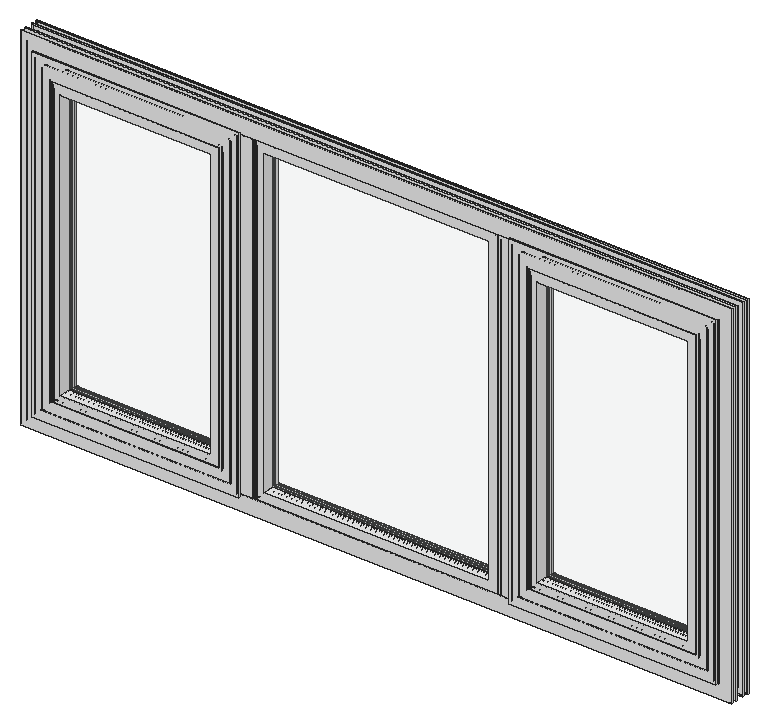
Revit family "Serene_T&T_Window_C_Custom", category Windows, host Wall, Revit 2014 (continued)
Definition of nested family "Serene_Fixed_Panel_C_Cust"
  Definition of nested family "Serene_Bead_Square_12mm"
    Automatic sketch dimensions
      Sweep 1 sketch curve to Sweep 1 sketch curve = 1.2 mm  (x9)
      Sweep 1 sketch curve to Sweep 1 sketch curve = 16.476 mm
      Sweep 1 sketch curve to Sweep 1 sketch curve = 2.6 mm
      Sweep 1 sketch curve to plane 1 "Center (Front/Back)" = 27.5 mm
      Sweep 1 sketch curve to Sweep 1 sketch curve = 1.7 mm
      Sweep 1 sketch curve to Sweep 1 sketch curve = 5.093 mm
      Sweep 1 sketch curve to Sweep 1 sketch curve = 6 mm
      Sweep 1 sketch curve to Sweep 1 sketch curve = 0.267 mm
      Sweep 1 sketch curve to Sweep 1 sketch curve = 0.433 mm
      Sweep 1 sketch curve to Sweep 1 sketch curve = 10.8 mm
      Sweep 1 sketch curve to Sweep 1 sketch curve = 0.5 mm
      Sweep 1 sketch curve to Sweep 1 sketch curve = 0.907 mm
      Sweep 1 sketch curve to Sweep 1 sketch curve = 2.093 mm
      Sweep 1 sketch curve to Sweep 1 sketch curve = 15 mm
      curve 1 to Sweep 1 = 0 mm  (x4)
      curve 4 to Sweep 1 = 0 mm  (x3)
      Sweep 1 to curve 4 = 0 mm
      curve 3 to Sweep 1 = 0 mm  (x3)
      curve 2 to Sweep 1 = 0 mm  (x4)
      Sweep 1 to curve 3 = 0 mm
      Sweep 1 sketch curve to plane 3 "Center (Left/Right)" = 0 mm
      Sweep 1 sketch curve to level = 0 mm
  Definition of nested family "Serene_Bead_D_Glazing_Square"
    Parameters (values of type "Serene_Bead_D_Glazing_Square")
      Width Bead [instance] = 900 mm
      Profile Material [instance] = none
      Height Bead [instance] = 1320 mm
    Reference planes
      plane 1 "Center (Front/Back)": y = 0
      plane 2: z = 0
      plane 3 "Center (Left/Right)": x = 0
    Forms (mm)
      Sweep 1, solid, material <- "Profile Material"
        path origin (0, 0, 0) x (1, 0, 0) y (0, 0, 1)
          loop
            line (0, 0) -> (900, 0) -> (900, 1320) -> (0, 1320) -> (0, 0)
        profile origin (450, 0, 0) x (0, 0, 1) y (0, -1, 0)
          loop
            line (22, -16.5) -> (22, 0) -> (0, 0) -> (0, -1.2) -> (1.2, -1.2) -> (1.2, -4.2) -> (-1.876, -4.2) -> (-1.876, -3.293) -> (-3.909, -4.467)
            arc (-3.909, -4.467) -> (-4.142, -5.029) -> (-3.659, -5.4) r 0.5
            line (-3.659, -5.4) -> (1.4, -5.4)
            arc (1.4, -5.4) -> (2.107, -5.107) -> (2.4, -4.4) r 1
            line (2.4, -4.4) -> (2.4, -1.2) -> (20.8, -1.2) -> (20.8, -12.4) -> (14.6, -12.4) -> (0, -16.7) -> (-3.659, -16.7)
            arc (-3.659, -16.7) -> (-4.142, -17.071) -> (-3.909, -17.633) r 0.5
            line (-3.909, -17.633) -> (-1.876, -18.807) -> (-1.876, -17.9) -> (0.173, -17.9) -> (14.6, -13.651) -> (14.6, -16.5) -> (17, -16.5) -> (17, -15.3) -> (15.8, -15.3) -> (15.8, -13.6) -> (20.8, -13.6) -> (20.8, -15.3) -> (19.6, -15.3) -> (19.6, -16.5) -> (22, -16.5)
    Lines and regions (mm)
      model lines, style "GenericModel"
        curve 1: line (22, 0, 1298) -> (0, 0, 1298)
        curve 2: line (878, 0, 1298) -> (900, 0, 1298)
        curve 3: line (878, 0, 22) -> (900, 0, 22)
        curve 4: line (22, 0, 22) -> (0, 0, 22)
    Dimensions and locks
      "Width Bead": Sweep 1 sketch curve to Sweep 1 sketch curve
      "Height Bead": Sweep 1 sketch curve to Sweep 1 sketch curve
      aligned and locked: level to plane 2
    Automatic sketch dimensions
      profile plane to Sweep 1 sketch curve = 3.909 mm  (x2)
      Sweep 1 sketch curve to Sweep 1 sketch curve = 0.25 mm  (x2)
      Sweep 1 sketch curve to Sweep 1 sketch curve = 2.033 mm
      Sweep 1 sketch curve to Sweep 1 sketch curve = 1.783 mm
      Sweep 1 sketch curve to Sweep 1 sketch curve = 1.876 mm  (x2)
      Sweep 1 sketch curve to Sweep 1 sketch curve = 0.173 mm
      Sweep 1 sketch curve to Sweep 1 sketch curve = 1.2 mm  (x9)
      Sweep 1 sketch curve to Sweep 1 sketch curve = 0.2 mm
      Sweep 1 sketch curve to Sweep 1 sketch curve = 12.2 mm
      Sweep 1 sketch curve to Sweep 1 sketch curve = 0 mm  (x4)
      Sweep 1 sketch curve to Sweep 1 sketch curve = 2.6 mm
      Sweep 1 sketch curve to plane 1 "Center (Front/Back)" = 18.807 mm
      Sweep 1 sketch curve to Sweep 1 sketch curve = 0.907 mm  (x2)
      Sweep 1 sketch curve to Sweep 1 sketch curve = 0.267 mm
      Sweep 1 sketch curve to Sweep 1 sketch curve = 0.433 mm
      Sweep 1 sketch curve to plane 1 "Center (Front/Back)" = 16.5 mm
      Sweep 1 sketch curve to Sweep 1 sketch curve = 1.649 mm
      Sweep 1 sketch curve to Sweep 1 sketch curve = 1.7 mm
      Sweep 1 sketch curve to Sweep 1 sketch curve = 1.251 mm
      Sweep 1 sketch curve to Sweep 1 sketch curve = 11.3 mm
      Sweep 1 sketch curve to Sweep 1 sketch curve = 0.5 mm
      Sweep 1 sketch curve to Sweep 1 sketch curve = 0.7 mm
      Sweep 1 sketch curve to Sweep 1 sketch curve = 3 mm
      curve 1 to Sweep 1 = 0 mm  (x3)
      curve 4 to Sweep 1 = 0 mm  (x2)
      Sweep 1 to curve 4 = 0 mm
      curve 3 to Sweep 1 = 0 mm  (x2)
      curve 2 to Sweep 1 = 0 mm  (x2)
      Sweep 1 to curve 3 = 0 mm
      Sweep 1 to curve 2 = 0 mm
      Sweep 1 sketch curve to plane 3 "Center (Left/Right)" = 0 mm
      Sweep 1 sketch curve to level = 0 mm
  Definition of nested family "Serene_Single_Glazing_Fixed_C_Cust"
    Parameters (values of type "Single_Glazing_Fixed")
      Glazing Width [instance] = 900 mm
      Glazing Height [instance] = 1500 mm
      Glazing Thickness SG [instance] = 4 mm
      Glazing Material [instance] = Glass
    Reference planes
      plane 1 "Center (Front/Back)": y = 0
      plane 2: z = 0
      plane 3 "Center (Left/Right)": x = 0
    Forms (mm)
      Extrusion 1, solid, material "Glass" <- "Glazing Material"
        sketch origin (0, 0, 0) x (1, 0, 0) y (0, 0, 1)
          loop
            line (0, 0) -> (0, 1500) -> (-900, 1500) -> (-900, 0) -> (0, 0)
        from 0 to 4 <- "Glazing Thickness SG"
    Dimensions and locks
      "Glazing Width": plane 3 "Center (Left/Right)" to Extrusion 1 sketch curve
      "Glazing Height": Extrusion 1 sketch curve to level
      aligned and locked: level to plane 2
      aligned and locked: Extrusion 1 sketch curve to plane 3 "Center (Left/Right)"
      aligned and locked: level to Extrusion 1 sketch curve
  Definition of nested family "Serene_Double_Glazing_Fixed_C_Cust"
    Parameters (values of type "Double_Glazing_Fixed")
      Glazing Width [instance] = 600 mm
      Glazing Height [instance] = 600 mm
      Glazing Thickness DG [instance] = 4 mm
      Glazing Material [instance] = Glass
      Double Glazing Gasket Thickness [instance] = 12 mm
      Double Glazing Gasket Material [instance] = none
    Reference planes
      plane 1 "Center (Front/Back)": y = 0
      plane 2: z = 0
      plane 3 "Center (Left/Right)": x = 0
    Forms (mm)
      Extrusion 1, solid, material "Glass" <- "Glazing Material"
        sketch origin (0, 0, 0) x (1, 0, 0) y (0, 0, 1)
          loop
            line (0, 0) -> (0, 600) -> (-600, 600) -> (-600, 0) -> (0, 0)
        from 0 to 4 <- "Glazing Thickness DG"
      Extrusion 2, solid, material <- "Double Glazing Gasket Material"
        sketch origin (0, -4, 0) x (1, 0, 0) y (0, 0, 1)
          loop
            line (-600, 600) -> (-600, 0) -> (0, 0) -> (0, 600) -> (-600, 600)
          loop
            line (-592, 8) -> (-8, 8) -> (-8, 592) -> (-592, 592) -> (-592, 8)
        from 0 to 12 <- "Double Glazing Gasket Thickness"
      Extrusion 3, solid, material "Glass" <- "Glazing Material"
        sketch origin (0, -16, 0) x (1, 0, 0) y (0, 0, 1)
          loop
            line (-600, 600) -> (-600, 0) -> (0, 0) -> (0, 600) -> (-600, 600)
        from 0 to 4 <- "Glazing Thickness DG"
    Dimensions and locks
      "Glazing Width": plane 3 "Center (Left/Right)" to Extrusion 1 sketch curve
      "Glazing Height": Extrusion 1 sketch curve to level
      aligned and locked: level to plane 2
      aligned and locked: Extrusion 1 sketch curve to plane 3 "Center (Left/Right)"
      aligned and locked: level to Extrusion 1 sketch curve
      aligned and locked: Extrusion 2 sketch curve to Extrusion 1  (x4)
      aligned and locked: Extrusion 3 sketch curve to Extrusion 2  (x4)
    Automatic sketch dimensions
      Extrusion 2 sketch curve to Extrusion 1 = 8 mm  (x4)
Definition of nested family "Serene_Single_Glazing_Tilt_&_Turn_C_Cust"
  Parameters (values of type "Single_Glazing_Tilt_&_Turn")
    Tilt [instance] = yes
    Right Hinged [instance] = yes
    Left Hinged [instance] = yes
    Half Width [instance] = Glazing Width / 2  # 450 mm
    Half Height [instance] = Glazing Height / 2  # 750 mm
    Glazing Width [instance] = 900 mm
    Glazing Height [instance] = 1500 mm
    Glazing Thickness SG [instance] = 4 mm
    Glazing Material [instance] = Glass
    Glazing Bead Gap = 21.8 mm  # constant formula
  Reference planes
    plane 1 "Center (Front/Back)": y = 0
    plane 2: z = 0
    plane 3 "Center (Left/Right)": x = 0
  Forms (mm)
    Extrusion 1, solid, material "Glass" <- "Glazing Material"
      sketch origin (0, 0, 0) x (1, 0, 0) y (0, 0, 1)
        loop
          line (0, 0) -> (0, 1500) -> (-900, 1500) -> (-900, 0) -> (0, 0)
      from 0 to 4 <- "Glazing Thickness SG"
  Lines and regions (mm)
    model lines, style "GenericModelHiddenLines", visible <- "Left Hinged"
      curve 1: line (-878.2, 0, 1478.2) -> (-21.8, 0, 750)
      curve 2: line (-21.8, 0, 750) -> (-878.2, 0, 21.8)
    model lines, style "GenericModelHiddenLines", visible <- "Right Hinged"
      curve 3: line (-21.8, 0, 1478.2) -> (-878.2, 0, 750)
      curve 4: line (-878.2, 0, 750) -> (-21.8, 0, 21.8)
    model lines, style "GenericModelHiddenLines", visible <- "Tilt"
      curve 5: line (-878.2, 0, 21.8) -> (-450, 0, 1478.2)
      curve 6: line (-450, 0, 1478.2) -> (-21.8, 0, 21.8)
  Dimensions and locks
    "Glazing Width": plane 3 "Center (Left/Right)" to Extrusion 1 sketch curve
    "Glazing Height": Extrusion 1 sketch curve to level
    "Glazing Bead Gap": curve 2 to Extrusion 1
    "Glazing Bead Gap": Extrusion 1 to curve 2  (x2)
    "Glazing Bead Gap": Extrusion 1 to curve 4  (x2)
    "Glazing Bead Gap": curve 4 to Extrusion 1
    "Glazing Bead Gap": Extrusion 1 to curve 3  (x2)
    "Glazing Bead Gap": Extrusion 1 to curve 1  (x2)
    "Half Height": curve 4 to Extrusion 1
    "Half Height": curve 2 to Extrusion 1
    "Glazing Bead Gap": Extrusion 1 to curve 6
    "Half Width": plane 3 "Center (Left/Right)" to curve 6
    aligned and locked: level to plane 2
    aligned and locked: Extrusion 1 sketch curve to plane 3 "Center (Left/Right)"
    aligned and locked: level to Extrusion 1 sketch curve
Definition of nested family "Serene_Single_Glazing_Fixed_C_Cust"
  Parameters (values of type "Single_Glazing_Fixed")
    Glazing Width [instance] = 900 mm
    Glazing Height [instance] = 1500 mm
    Glazing Thickness SG [instance] = 4 mm
    Glazing Material [instance] = Glass
  Reference planes
    plane 1 "Center (Front/Back)": y = 0
    plane 2: z = 0
    plane 3 "Center (Left/Right)": x = 0
  Forms (mm)
    Extrusion 1, solid, material "Glass" <- "Glazing Material"
      sketch origin (0, 0, 0) x (1, 0, 0) y (0, 0, 1)
        loop
          line (0, 0) -> (0, 1500) -> (-900, 1500) -> (-900, 0) -> (0, 0)
      from 0 to 4 <- "Glazing Thickness SG"
  Dimensions and locks
    "Glazing Width": plane 3 "Center (Left/Right)" to Extrusion 1 sketch curve
    "Glazing Height": Extrusion 1 sketch curve to level
    aligned and locked: level to plane 2
    aligned and locked: Extrusion 1 sketch curve to plane 3 "Center (Left/Right)"
    aligned and locked: level to Extrusion 1 sketch curve
